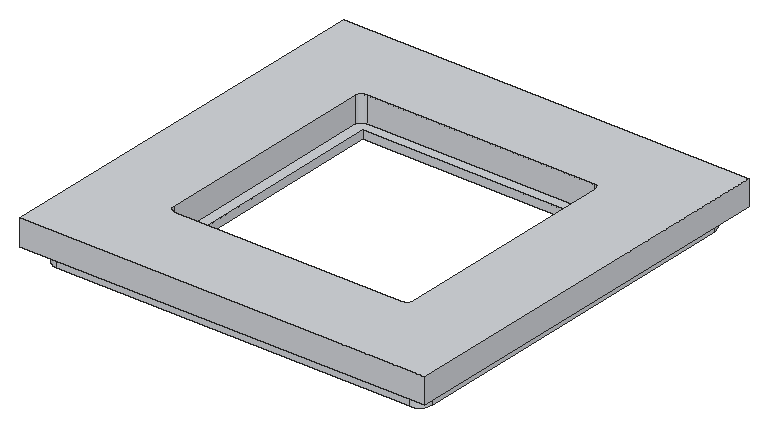
Revit family "Gira_0211217", category Electrical Fixtures, host Face, Revit 2017
Family settings
  Host = Face
  Maintain Annotation Orientation = No
  Round Connector Dimension = Use Diameter
  Part Type = Normal
  Cut with Voids When Loaded = No
  Shared = No
  Room Calculation Point = No
Parameters (values of type "Cov.fr. 1-g Gira Esprit alum.light gold")
  With mounting grid = "No"
  With hinged lid = "No"
  URL = "http://katalog.gira.de/en/datenblatt.html?artikelnr=0211217"
  Type of fastening = "Clamp mounting"
  Transparent = "No"
  Surface protection = "Other"
  Suitable for wall duct = "No"
  Suitable for flush-mounted installation = "Yes"
  Suitable for floor box = "No"
  Suitable for built-in installation = "No"
  Number of units vertical = "1"
  Number of units horizontal = "1"
  Number of units = "1"
  Name = "Cov.fr. 1-g Gira Esprit alum.light gold"
  Mounting direction = "Horizontal and vertical"
  Material quality = "Aluminium"
  Material = "Metal"
  Manufacturer URL = "https://www.gira.de/"
  Manufacturer = "Gira"
  Label space/information surface = "No"
  Keynote = ""
  HeinzeBIM = "https://bimportal.heinze.de/bim/cov-fr-1-g-gira-esprit-alum-light-gold/249125122278464a37887a151f1d4bb77edfef51"
  Halogen free = "No"
  HAN = "0211217"
  GTIN = "4010337015710"
  Description = "Cov.fr.1g Espr. AlGd,Gira Esprit cover frame,aluminium light gold,1-gang,Features:,- Anodised aluminium EV 2. Colour deviations are possible."
  Degree of protection (IP) = "IP20"
  Default Elevation = 1219.2 mm
  Data sheet (1) = "https://katalog.gira.de/en/download.html?artikelnr=0211217"
  Colour = "Aluminium"
  Category = "Cover frame for domestic switching devices"
  BIM (1) = "https://media.stage.bim.site/public/gira/36a6b08/Espr._Rahmen_1fach.rfa"
  Available = "No"
Reference planes
  plane 1 "Center (Front/Back)": y = 0
  plane 2: z = 0
  plane 3 "Center (Left/Right)": x = 0
Forms (mm)
  Extrusion 1, solid, detail levels fine
    sketch origin (0, 0, 0) x (1, 0, 0) y (0, 1, 0)
      loop
        line (-47.5, 47.5) -> (-47.5, -47.5) -> (47.5, -47.5) -> (47.5, 47.5) -> (-47.5, 47.5)
      loop
        arc (-28.2, -26.7) -> (-27.761, -27.761) -> (-26.7, -28.2) r 1.5
        line (-26.7, -28.2) -> (26.7, -28.2)
        arc (26.7, -28.2) -> (27.761, -27.761) -> (28.2, -26.7) r 1.5
        line (28.2, -26.7) -> (28.2, 26.7)
        arc (28.2, 26.7) -> (27.761, 27.761) -> (26.7, 28.2) r 1.5
        line (26.7, 28.2) -> (-26.7, 28.2)
        arc (-26.7, 28.2) -> (-27.761, 27.761) -> (-28.2, 26.7) r 1.5
        line (-28.2, 26.7) -> (-28.2, -26.7)
    from 0 to 6
  Extrusion 2, solid, detail levels fine
    sketch origin (0, 0, 0) x (1, 0, 0) y (0, 1, 0)
      loop
        line (-25.7, -25.7) -> (25.7, -25.7) -> (25.7, 25.7) -> (-25.7, 25.7) -> (-25.7, -25.7)
      loop
        arc (-43.1, -41.3) -> (-42.573, -42.573) -> (-41.3, -43.1) r 1.8
        line (-41.3, -43.1) -> (41.3, -43.1)
        arc (41.3, -43.1) -> (42.573, -42.573) -> (43.1, -41.3) r 1.8
        line (43.1, -41.3) -> (43.1, 41.3)
        arc (43.1, 41.3) -> (42.573, 42.573) -> (41.3, 43.1) r 1.8
        line (41.3, 43.1) -> (-41.3, 43.1)
        arc (-41.3, 43.1) -> (-42.573, 42.573) -> (-43.1, 41.3) r 1.8
        line (-43.1, 41.3) -> (-43.1, -41.3)
    from -1.9 to 0
  Extrusion 3, solid, detail levels fine
    sketch origin (0, 0, 0) x (1, 0, 0) y (0, 1, 0)
      loop
        arc (-41.4, 44.4) -> (-43.521, 43.521) -> (-44.4, 41.4) r 3
        line (-44.4, 41.4) -> (-44.4, -41.4)
        arc (-44.4, -41.4) -> (-43.521, -43.521) -> (-41.4, -44.4) r 3
        line (-41.4, -44.4) -> (41.4, -44.4)
        arc (41.4, -44.4) -> (43.521, -43.521) -> (44.4, -41.4) r 3
        line (44.4, -41.4) -> (44.4, 41.4)
        arc (44.4, 41.4) -> (43.521, 43.521) -> (41.4, 44.4) r 3
        line (41.4, 44.4) -> (-41.4, 44.4)
      loop
        line (-43.1, 41.3) -> (-43.1, -41.3)
        arc (-43.1, -41.3) -> (-42.573, -42.573) -> (-41.3, -43.1) r 1.8
        line (-41.3, -43.1) -> (41.3, -43.1)
        arc (41.3, -43.1) -> (42.573, -42.573) -> (43.1, -41.3) r 1.8
        line (43.1, -41.3) -> (43.1, 41.3)
        arc (43.1, 41.3) -> (42.573, 42.573) -> (41.3, 43.1) r 1.8
        line (41.3, 43.1) -> (-41.3, 43.1)
        arc (-41.3, 43.1) -> (-42.573, 42.573) -> (-43.1, 41.3) r 1.8
    from -3.7 to 0
  Extrusion 4, solid, detail levels medium
    sketch origin (0, 0, 0) x (1, 0, 0) y (0, 1, 0)
      loop
        line (-47.5, 47.5) -> (-47.5, -47.5) -> (47.5, -47.5) -> (47.5, 47.5) -> (-47.5, 47.5)
    from 0 to 6
  Extrusion 5, solid, detail levels medium
    sketch origin (0, 0, 0) x (1, 0, 0) y (0, 1, 0)
      loop
        line (-44.4, 44.4) -> (-44.4, -44.4) -> (44.4, -44.4) -> (44.4, 44.4) -> (-44.4, 44.4)
    from -3.7 to 0
  Extrusion 6, solid, detail levels coarse
    sketch origin (0, 0, 0) x (1, 0, 0) y (0, 1, 0)
      loop
        line (-47.5, 47.5) -> (-47.5, -47.5) -> (47.5, -47.5) -> (47.5, 47.5) -> (-47.5, 47.5)
    from -3.7 to 6
Dimensions and locks
  aligned and locked: plane 2 to host face
  aligned and locked: level to host face
